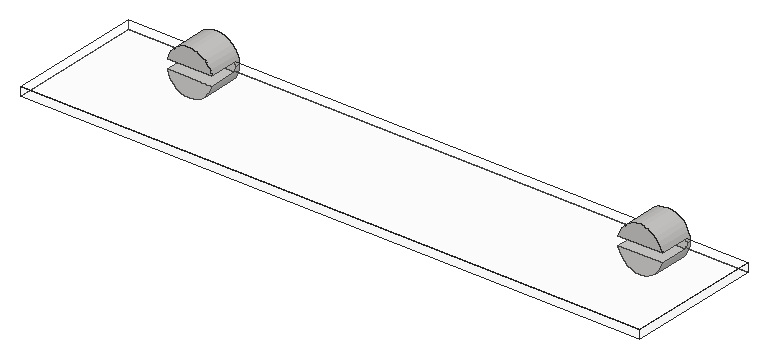
Revit family "T25", category Generic Models, Revit 2021
Family settings
  Can host rebar = No
  Round Connector Dimension = Use Diameter
  Part Type = Normal
  Work Plane-Based = No
  Always vertical = Yes
  Cut with Voids When Loaded = No
  Shared = No
  Room Calculation Point = No
Parameters (values of type "Standard")
  e-mail = "info@vola.com"
  URL = "http://vola.com"
  Telephone = "+45 7023 5500"
  Quality management standard = "ISO 9001"
  Organisation no. / DUNS no. = "17531328"
  Occupational health and safety management standard = "ISO 18001"
  Mounting Instructions = "http://vola.com/service/producturl.ashx?name=T25"
  Model = "T25"
  Materials and components information = "http://vola.com/service/producturl.ashx?name=T25"
  Manufacturer = "VOLA A/S"
  Maintenance Instructions = "http://vola.com/service/producturl.ashx?name=T25"
  Guarantee = "2 years"
  Environmental management standard = "ISO 14000"
  Default Elevation = 0.00 mm
  Connection - All relevant connections = ""
  Approvals = "http://vola.com/service/producturl.ashx?name=T25"
Reference planes
  plane 1 "Center (Front/Back)": y = 0
  plane 2: z = 0
  plane 3 "Center (Left/Right)": x = 0
Forms (mm)
  Extrusion 1, solid, material "Clear Glass"
    sketch origin (0, 0, 0) x (1, 0, 0) y (0, 1, 0)
      loop
        line (-275, -4) -> (-275, -124) -> (275, -124) -> (275, -4) -> (-275, -4)
    from -4 to 4
  Extrusion 2, solid, material "Stainless Steel"
    sketch origin (0, 0, 0) x (1, 0, 0) y (0, 0, 1)
      loop
        circle (-200, 0) r 20
      loop
        circle (200, 0) r 20
    from 0 to 30
  Extrusion 3, void
    sketch origin (0, 0, 0) x (0, 1, 0) y (0, 0, 1)
      loop
        line (-4, 4) -> (-35.141, 4) -> (-35.141, -4) -> (-4, -4) -> (-4, 4)
    from -225.372 to 232.304
Cuts and joins
  Extrusion 3 cuts Extrusion 2
Dimensions and locks
  aligned and locked: plane 2 to level
